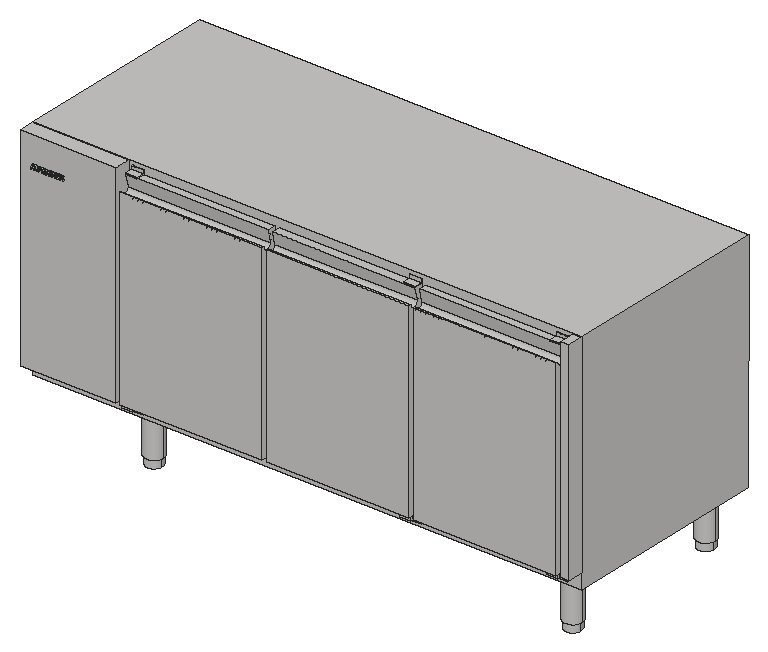
Revit family "QF_ALPENINOX_721041_AK3R7AAA", category Attrezzature speciali, Revit 2018
Family settings
  Quota connettore circolare = Usa diametro
  Tipo di parte = Normale
  Basato su piano di lavoro = No
  Sempre verticale = Sì
  Taglio con vuoti quando caricato = No
  Condiviso = No
  Punto di calcolo locali = No
Parameters (values of type "Standard")
  Weight = 110.00 kg
  Watts = 220 W
  Volts = 220 V
  URL Manufacturer = "http://www.alpeninox.com"
  URL = "http://www.alpeninox.com"
  Steam Supply Size = 0 mm
  Steam Supply Minimum Pressure = 0.0 Pa
  Steam Supply Maximum Pressure = 0.0 Pa
  Steam Consumption per Hour = 0
  Refrigeration Suction Line Size = 0 mm
  Refrigeration Liquid Line Size = 0 mm
  Refrigerant Compressor Remote = yes
  Produttore = "Alpeninox"
  Phase = 1
  Modello = "AK3R7AAA"
  Length Actual = 1695 mm  # constant formula
  Item Number = "721041"
  Hot Water Size = 0 mm
  Height Actual = 850 mm  # constant formula
  HP = "0.3 HP"
  Gas Size = 0 mm
  Gas KW = 0
  Gas Input Pressure = 0 W
  Direct Waste Size = 0 mm
  Descrizione = "3-DOOR REFRIGERATED COUNTER, -2+10°C, FULL AISI 304 (R290), WITHOUT WORK TOP"
  Depth Actual = 700 mm  # constant formula
  Cycle = 50 Hz
  Condensate Return Size = 0 mm
  Compressed Air Volume = 0.0 L/s
  Compressed Air Size = 0 mm
  Compressed Air Pressure = 0.0 Pa
  Cold Water Size = 0 mm
  Accessory = yes
Values of the unnamed type that differ from the named types
  Weight = 0.00 kg
  Watts = 0 W
  Volts = 0 V
  URL Manufacturer = ""
  Item Number = ""
  HP = ""
  Cycle = 0 Hz
Reference planes
  plane 1: z = 0
  plane 2 "Center (Left/Right)": x = -126.5
  plane 3 "Center (Front/Back)": y = 64.5
  plane 4 "FEET": z = 150
  plane 5 "TOP": z = 900
  plane 6 "PLAIN": z = 850
  plane 7 "EI_back": y = 103
  plane 8 "EI_left": x = -913
  plane 9 "BACK": y = 412
  plane 10 "FRONT": y = -283
  plane 11 "DOOR": y = -233
  plane 12 "LEFT": x = -974
  plane 13 "RIGHT": x = 721
  plane 14: x = -949
  plane 15: x = 696
Forms (mm)
  Extrusion 1, solid, material "QF_Finishes_Stainless Steel"
    sketch origin (-1022.223, -1524, 150) x (-1, 0, 0) y (0, -1, 0)
      loop
        circle (-109.223, -1627) r 5
    from 0 to -40
  Extrusion 2, solid, material "QF_Finishes_Stainless Steel"
    sketch origin (-1022.223, -1524, 150) x (-1, 0, 0) y (0, -1, 0)
      loop
        line (-1718.223, -1291) -> (-1718.223, -1241) -> (-1743.223, -1241) -> (-1743.223, -1291) -> (-1718.223, -1291)
    from 48 to 700
  Extrusion 3, solid, material "QF_Finishes_Stainless Steel"
    sketch origin (-1022.223, -1524, 150) x (-1, 0, 0) y (0, -1, 0)
      loop
        line (-48.223, -1936) -> (-48.223, -1291) -> (-1743.223, -1291) -> (-1743.223, -1936) -> (-48.223, -1936)
    from 0 to 700
Lines and regions (mm)
  symbolic lines, style "SpecialityEquipmentHiddenLines"
    curve 1: line (-974, 412, 150) -> (721, 412, 150)
    curve 2: line (-974, -283, 150) -> (-974, 412, 150)
    curve 3: line (721, -283, 150) -> (-974, -283, 150)
    curve 4: line (721, 412, 150) -> (721, -283, 150)
    curve 5: line (-974, -233, 150) -> (721, -233, 150)
    curve 6: line (696, -283, 150) -> (696, -233, 150)
Dimensions and locks
  plane 4 "FEET" to level = 150 mm
  plane 11 "DOOR" to plane 10 "FRONT" = 50 mm
  plane 6 "PLAIN" to plane 4 "FEET" = 700 mm
  plane 5 "TOP" to plane 6 "PLAIN" = 50 mm
  plane 12 "LEFT" to plane 14 = 25 mm
  plane 15 to plane 13 "RIGHT" = 25 mm
  plane 9 "BACK" to plane 7 "EI_back" = 309 mm
  plane 12 "LEFT" to plane 8 "EI_left" = 61 mm
  plane 12 "LEFT" to plane 13 "RIGHT" = 1695 mm
  equal spacing: plane 12 "LEFT", plane 2 "Center (Left/Right)", plane 13 "RIGHT"
  plane 9 "BACK" to plane 10 "FRONT" = 695 mm
  equal spacing: plane 9 "BACK", plane 3 "Center (Front/Back)", plane 10 "FRONT"
  aligned and locked: level to plane 1
  aligned and locked: plane 13 "RIGHT" to Extrusion 2
  aligned and locked: Extrusion 2 to plane 15
Automatic sketch dimensions
  Extrusion 1 sketch curve to plane 7 "EI_back" = 0 mm
  Extrusion 1 sketch curve to plane 8 "EI_left" = 0 mm
  Extrusion 2 sketch curve to plane 11 "DOOR" = 0 mm
  Extrusion 2 sketch curve to plane 13 "RIGHT" = 0 mm
  Extrusion 2 sketch curve to plane 10 "FRONT" = 0 mm
  Extrusion 2 sketch curve to plane 15 = 0 mm
  Extrusion 3 sketch curve to plane 9 "BACK" = 0 mm
  Extrusion 3 sketch curve to plane 13 "RIGHT" = 0 mm
  Extrusion 3 sketch curve to plane 11 "DOOR" = 0 mm
  Extrusion 3 sketch curve to plane 12 "LEFT" = 0 mm
  curve 1 to plane 13 "RIGHT" = 0 mm
  curve 6 to plane 10 "FRONT" = 0 mm
  curve 6 to plane 15 = 0 mm
  curve 5 to plane 12 "LEFT" = 0 mm
  curve 6 to plane 11 "DOOR" = 0 mm
  curve 1 to plane 9 "BACK" = 0 mm
  radius of Extrusion 1 sketch curve = 5 mm
Nested families
  nested 1: "HPC_Refrigerator" at (721, -283, 0), type "HPC_Refrigerator"
  nested 2: "HPC_FEET" at (-640, 331, 0), type "HPC_FEET"
  nested 3: "HPC_FEET" at (655, 331, 0), type "HPC_FEET"
  nested 4: "HPC_FEET" at (-640, -183, 0), type "HPC_FEET"
  nested 5: "HPC_FEET" at (655, -183, 0), type "HPC_FEET"
  nested 6: "HPC_APX_BI_TN_L" at (-767.08, -233, 598) x (1, 0, 0) z (0, -1, 0), type "HPC_APX_BI_TN_L"
    with Show Logo yes
  nested 7: "HPC_APX_SD_L" at (-446, -233, 512) x (1, 0, 0) z (0, -1, 0), type "HPC_APX_SD_L"
    with Show Clearance yes
  nested 8: "HPC_APX_SD_R" at (8, -233, 512) x (1, 0, 0) z (0, -1, 0), type "HPC_APX_SD_R"
    with Show Clearance yes
  nested 9: "HPC_APX_SD_R" at (462, -233, 512) x (1, 0, 0) z (0, -1, 0), type "HPC_APX_SD_R"
    with Show Clearance yes
Connectors
  electrical at (-913, 103, 110), driven by "Volts"
    settings: on Extrusion 1, index 1, voltage 220 V, apparent load 0 VA, apparent load phase1 0 VA, apparent load phase2 0 VA, apparent load phase3 0 VA, power factor 1, load classification "Other", number of poles 1, system type 31, power factor state 1, is connector primary yes, connector utility no, sub classification motor no, connector description "Electrical Connection"
Definition of nested family "HPC_FEET"
  Parameters
    FEET = 150 mm
  Reference planes
    plane 1 "Center (Front/Back)": y = 0
    plane 2: z = 0
    plane 3 "Center (Left/Right)": x = 0
    plane 4: z = 150
  Forms (mm)
    Revolve 1, solid
      sketch origin (255.05, 0, 608.09) x (0, 0, 1) y (-1, 0, 0)
        loop
          line (-608.09, 255.05) -> (-608.09, 230.05) -> (-583.09, 230.05) -> (-583.09, 226.05) -> (-458.09, 226.05) -> (-458.09, 255.05) -> (-608.09, 255.05)
        axis (-608.09, 255.05) -> (-458.09, 255.05)
      angle from 0 to 360
  Dimensions and locks
    locked: Revolve 1 sketch curve to Revolve 1 sketch curve at 125
    "FEET": plane 4 to plane 2
    aligned and locked: level to plane 2
    aligned and locked: plane 4 to Revolve 1 sketch curve
    aligned and locked: Revolve 1 sketch curve to level
    aligned and locked: plane 3 "Center (Left/Right)" to Revolve 1 sketch curve
  Automatic sketch dimensions
    Revolve 1 sketch curve to plane 3 "Center (Left/Right)" = 0 mm
    Revolve 1 sketch curve to Revolve 1 sketch curve = 25 mm
    Revolve 1 sketch curve to Revolve 1 sketch curve = 29 mm
    plane 4 to Revolve 1 sketch curve = 50 mm
    Revolve 1 sketch curve to Revolve 1 sketch curve = 20 mm
Definition of nested family "HPC_APX_BI_TN_L"
  Parameters
    Show Logo [instance] = yes
    Default Elevation = 1219.2 mm
  Reference planes
    plane 1 "Center (Front/Back)": y = -74
    plane 2: z = 0
    plane 3 "Center (Left/Right)": x = -59.92
    plane 4: x = -206.92
    plane 5: x = 87.08
    plane 6: y = 252
    plane 7: y = -400
  Forms (mm)
    Extrusion 1, solid
      sketch origin (0, 0, 0) x (1, 0, 0) y (0, 1, 0)
        loop
          line (-1219.2, 1219.2) -> (-1219.2, -1219.2) -> (1219.2, -1219.2) -> (1219.2, 1219.2) -> (-1219.2, 1219.2)
      from 0 to -304.8
    Extrusion 2, solid
      sketch origin (0, 0, 0) x (1, 0, 0) y (0, 1, 0)
        loop
          line (-206.92, 252) -> (-206.92, -400) -> (87.08, -400) -> (87.08, 252) -> (-206.92, 252)
      from 0 to 50
    Extrusion 3, solid
      sketch origin (0, 0, 0) x (1, 0, 0) y (0, 1, 0)
        loop
          line (-168.675, 170.349) -> (-172.411, 160.318)
          arc (-172.411, 160.318) -> (-171.624, 158.497) -> (-169.837, 159.36) r 1.374
          line (-169.837, 159.36) -> (-169.268, 161.111) -> (-164.1, 161.111) -> (-163.54, 159.379)
          arc (-163.54, 159.379) -> (-161.802, 158.542) -> (-161.049, 160.318) r 1.333
          line (-161.049, 160.318) -> (-164.694, 170.349)
          arc (-164.694, 170.349) -> (-166.685, 171.876) -> (-168.675, 170.349) r 2.06
        loop
          line (-166.681, 169.055) -> (-168.469, 163.655) -> (-164.935, 163.655) -> (-166.681, 169.055)
        loop
          arc (-159.705, 160.042) -> (-159.262, 158.973) -> (-158.194, 158.531) r 1.512
          line (-158.194, 158.531) -> (-153.608, 158.531)
          arc (-153.608, 158.531) -> (-152.337, 159.802) -> (-153.608, 161.074) r 1.272
          line (-153.608, 161.074) -> (-156.917, 161.074) -> (-156.917, 170.328)
          arc (-156.917, 170.328) -> (-158.311, 171.722) -> (-159.705, 170.328) r 1.394
          line (-159.705, 170.328) -> (-159.705, 160.042)
        loop
          line (-151.076, 170.218) -> (-151.076, 159.859)
          arc (-151.076, 159.859) -> (-149.683, 158.466) -> (-148.29, 159.859) r 1.393
          line (-148.29, 159.859) -> (-148.29, 162.882) -> (-146.225, 162.882)
          arc (-146.225, 162.882) -> (-142.999, 163.859) -> (-141.608, 166.928) r 4.082
          arc (-141.608, 166.928) -> (-142.993, 170.272) -> (-146.336, 171.657) r 4.728
          line (-146.336, 171.657) -> (-149.638, 171.657)
          arc (-149.638, 171.657) -> (-150.655, 171.235) -> (-151.076, 170.218) r 1.439
        loop
          line (-148.29, 165.313) -> (-146.388, 165.313)
          arc (-146.388, 165.313) -> (-144.433, 167.268) -> (-146.388, 169.222) r 1.955
          line (-146.388, 169.222) -> (-148.29, 169.222) -> (-148.29, 165.313)
        loop
          arc (-131.184, 166.332) -> (-132.004, 168.2) -> (-133.767, 169.228) r 3.3
          arc (-133.767, 169.228) -> (-136.353, 168.661) -> (-137.611, 166.332) r 3.176
          line (-137.611, 166.332) -> (-131.184, 166.332)
        loop
          line (-137.538, 163.743) -> (-130.544, 163.743)
          arc (-130.544, 163.743) -> (-129.292, 163.916) -> (-128.301, 164.701) r 2.4
          arc (-128.301, 164.701) -> (-128.155, 165.545) -> (-128.212, 166.399) r 3.635
          arc (-128.212, 166.399) -> (-130.364, 170.162) -> (-134.39, 171.769) r 6.579
          arc (-134.39, 171.769) -> (-138.918, 169.706) -> (-140.661, 165.044) r 6.501
          arc (-140.661, 165.044) -> (-139.276, 160.789) -> (-135.401, 158.549) r 6.252
          arc (-135.401, 158.549) -> (-132.922, 158.526) -> (-130.544, 159.232) r 8.361
          arc (-130.544, 159.232) -> (-129.466, 159.781) -> (-128.641, 160.666) r 3.486
          arc (-128.641, 160.666) -> (-128.419, 161.592) -> (-128.828, 162.451) r 1.425
          arc (-128.828, 162.451) -> (-129.368, 162.762) -> (-129.99, 162.762) r 1.203
          arc (-129.99, 162.762) -> (-130.406, 162.59) -> (-130.764, 162.316) r 1.724
          arc (-130.764, 162.316) -> (-131.666, 161.705) -> (-132.646, 161.229) r 7.6
          arc (-132.646, 161.229) -> (-135.676, 161.35) -> (-137.538, 163.743) r 3.6
        loop
          line (-126.669, 170.328) -> (-126.669, 159.859)
          arc (-126.669, 159.859) -> (-125.273, 158.463) -> (-123.878, 159.859) r 1.396
          line (-123.878, 159.859) -> (-123.878, 166.785) -> (-117.946, 159.029)
          arc (-117.946, 159.029) -> (-116.361, 158.51) -> (-115.379, 159.859) r 1.417
          line (-115.379, 159.859) -> (-115.379, 170.328)
          arc (-115.379, 170.328) -> (-116.774, 171.723) -> (-118.169, 170.328) r 1.395
          line (-118.169, 170.328) -> (-118.169, 163.311) -> (-124.101, 171.157)
          arc (-124.101, 171.157) -> (-125.687, 171.678) -> (-126.669, 170.328) r 1.418
        loop
          arc (-113.636, 159.859) -> (-112.241, 158.464) -> (-110.847, 159.859) r 1.394
          line (-110.847, 159.859) -> (-110.847, 170.328)
          arc (-110.847, 170.328) -> (-112.241, 171.723) -> (-113.636, 170.328) r 1.394
          line (-113.636, 170.328) -> (-113.636, 159.859)
        loop
          line (-109.102, 170.328) -> (-109.102, 159.859)
          arc (-109.102, 159.859) -> (-107.706, 158.463) -> (-106.31, 159.859) r 1.396
          line (-106.31, 159.859) -> (-106.31, 166.785) -> (-100.378, 159.029)
          arc (-100.378, 159.029) -> (-98.793, 158.51) -> (-97.812, 159.859) r 1.417
          line (-97.812, 159.859) -> (-97.812, 170.328)
          arc (-97.812, 170.328) -> (-99.207, 171.723) -> (-100.602, 170.328) r 1.395
          line (-100.602, 170.328) -> (-100.602, 163.311) -> (-106.533, 171.157)
          arc (-106.533, 171.157) -> (-108.119, 171.678) -> (-109.102, 170.328) r 1.418
        loop
          arc (-96.345, 165.093) -> (-95.619, 161.877) -> (-93.467, 159.379) r 6.806
          arc (-93.467, 159.379) -> (-91.792, 158.566) -> (-89.948, 158.31) r 5.956
          arc (-89.948, 158.31) -> (-88.104, 158.566) -> (-86.43, 159.379) r 5.956
          arc (-86.43, 159.379) -> (-84.277, 161.877) -> (-83.551, 165.093) r 6.806
          arc (-83.551, 165.093) -> (-84.277, 168.31) -> (-86.43, 170.808) r 6.806
          arc (-86.43, 170.808) -> (-88.104, 171.621) -> (-89.948, 171.877) r 5.956
          arc (-89.948, 171.877) -> (-91.792, 171.621) -> (-93.467, 170.808) r 5.956
          arc (-93.467, 170.808) -> (-95.619, 168.31) -> (-96.345, 165.093) r 6.806
        loop
          arc (-93.425, 165.093) -> (-93.138, 163.212) -> (-92.081, 161.629) r 4.387
          arc (-92.081, 161.629) -> (-91.087, 161.049) -> (-89.948, 160.881) r 3.035
          arc (-89.948, 160.881) -> (-88.809, 161.049) -> (-87.815, 161.629) r 3.035
          arc (-87.815, 161.629) -> (-86.759, 163.212) -> (-86.472, 165.093) r 4.387
          arc (-86.472, 165.093) -> (-86.759, 166.975) -> (-87.815, 168.558) r 4.387
          arc (-87.815, 168.558) -> (-88.809, 169.138) -> (-89.948, 169.306) r 3.035
          arc (-89.948, 169.306) -> (-91.087, 169.138) -> (-92.081, 168.558) r 3.035
          arc (-92.081, 168.558) -> (-93.138, 166.975) -> (-93.425, 165.093) r 4.387
        loop
          line (-83.139, 169.609) -> (-80.126, 165.552) -> (-83.81, 160.652)
          arc (-83.81, 160.652) -> (-83.512, 158.692) -> (-81.559, 159.029) r 1.388
          line (-81.559, 159.029) -> (-78.51, 163.232) -> (-75.461, 159.029)
          arc (-75.461, 159.029) -> (-73.507, 158.692) -> (-73.21, 160.652) r 1.388
          line (-73.21, 160.652) -> (-76.894, 165.552) -> (-73.881, 169.609)
          arc (-73.881, 169.609) -> (-74.249, 171.597) -> (-76.205, 171.084) r 1.38
          line (-76.205, 171.084) -> (-78.51, 167.841) -> (-80.815, 171.084)
          arc (-80.815, 171.084) -> (-82.771, 171.597) -> (-83.139, 169.609) r 1.38
      from 50 to 51.6
  Lines and regions (mm)
    Split face 1
      outline origin (0, 0, 50) x (1, 0, 0) y (0, 1, 0)
        loop
          line (87.08, 183) -> (-172.92, 183)
          arc (-172.92, 183) -> (-190.42, 165.5) -> (-172.92, 148) r 17.5
          line (-172.92, 148) -> (87.08, 148)
    Split face 2
      outline origin (-38, 0, 50) x (1, 0, 0) y (0, 1, 0)
        loop
          line (-5.42, 177) -> (-5.42, 154) -> (64.58, 154) -> (64.58, 177) -> (-5.42, 177)
    Split face 3
      outline origin (-38, 0, 50) x (1, 0, 0) y (0, 1, 0)
        loop
          line (44.58, 174) -> (44.58, 157) -> (61.58, 157) -> (61.58, 174) -> (44.58, 174)
    Split face 4
      outline origin (0, 0, 50) x (1, 0, 0) y (0, 1, 0)
        loop
          line (-206.92, 188) -> (87.08, 188)
    Split face 5
      outline origin (0, 0, 50) x (1, 0, 0) y (0, 1, 0)
        loop
          arc (-163.464, 131.824) -> (-167.464, 127.824) -> (-163.464, 123.824) r 4
          line (-163.464, 123.824) -> (-121.464, 123.824)
          arc (-121.464, 123.824) -> (-117.464, 127.824) -> (-121.464, 131.824) r 4
          line (-121.464, 131.824) -> (-163.464, 131.824)
    Split face 6
      outline origin (330, 0, 50) x (1, 0, 0) y (0, 1, 0)
        loop
          arc (-328.464, 131.824) -> (-332.464, 127.824) -> (-328.464, 123.824) r 4
          line (-328.464, 123.824) -> (-286.464, 123.824)
          arc (-286.464, 123.824) -> (-282.464, 127.824) -> (-286.464, 131.824) r 4
          line (-286.464, 131.824) -> (-328.464, 131.824)
    Split face 7
      outline origin (110, 0, 50) x (1, 0, 0) y (0, 1, 0)
        loop
          arc (-218.464, 131.824) -> (-222.464, 127.824) -> (-218.464, 123.824) r 4
          line (-218.464, 123.824) -> (-176.464, 123.824)
          arc (-176.464, 123.824) -> (-172.464, 127.824) -> (-176.464, 131.824) r 4
          line (-176.464, 131.824) -> (-218.464, 131.824)
    Split face 8
      outline origin (220, 0, 50) x (1, 0, 0) y (0, 1, 0)
        loop
          arc (-273.464, 131.824) -> (-277.464, 127.824) -> (-273.464, 123.824) r 4
          line (-273.464, 123.824) -> (-231.464, 123.824)
          arc (-231.464, 123.824) -> (-227.464, 127.824) -> (-231.464, 131.824) r 4
          line (-231.464, 131.824) -> (-273.464, 131.824)
    Split face 9
      outline origin (0, -24, 50) x (1, 0, 0) y (0, 1, 0)
        loop
          arc (-163.464, 143.824) -> (-167.464, 139.824) -> (-163.464, 135.824) r 4
          line (-163.464, 135.824) -> (-121.464, 135.824)
          arc (-121.464, 135.824) -> (-117.464, 139.824) -> (-121.464, 143.824) r 4
          line (-121.464, 143.824) -> (-163.464, 143.824)
    Split face 10
      outline origin (330, -24, 50) x (1, 0, 0) y (0, 1, 0)
        loop
          arc (-328.464, 143.824) -> (-332.464, 139.824) -> (-328.464, 135.824) r 4
          line (-328.464, 135.824) -> (-286.464, 135.824)
          arc (-286.464, 135.824) -> (-282.464, 139.824) -> (-286.464, 143.824) r 4
          line (-286.464, 143.824) -> (-328.464, 143.824)
    Split face 11
      outline origin (110, -24, 50) x (1, 0, 0) y (0, 1, 0)
        loop
          arc (-218.464, 143.824) -> (-222.464, 139.824) -> (-218.464, 135.824) r 4
          line (-218.464, 135.824) -> (-176.464, 135.824)
          arc (-176.464, 135.824) -> (-172.464, 139.824) -> (-176.464, 143.824) r 4
          line (-176.464, 143.824) -> (-218.464, 143.824)
    Split face 12
      outline origin (220, -24, 50) x (1, 0, 0) y (0, 1, 0)
        loop
          arc (-273.464, 143.824) -> (-277.464, 139.824) -> (-273.464, 135.824) r 4
          line (-273.464, 135.824) -> (-231.464, 135.824)
          arc (-231.464, 135.824) -> (-227.464, 139.824) -> (-231.464, 143.824) r 4
          line (-231.464, 143.824) -> (-273.464, 143.824)
    Split face 13
      outline origin (0, -48, 50) x (1, 0, 0) y (0, 1, 0)
        loop
          arc (-163.464, 155.824) -> (-167.464, 151.824) -> (-163.464, 147.824) r 4
          line (-163.464, 147.824) -> (-121.464, 147.824)
          arc (-121.464, 147.824) -> (-117.464, 151.824) -> (-121.464, 155.824) r 4
          line (-121.464, 155.824) -> (-163.464, 155.824)
    Split face 14
      outline origin (330, -48, 50) x (1, 0, 0) y (0, 1, 0)
        loop
          arc (-328.464, 155.824) -> (-332.464, 151.824) -> (-328.464, 147.824) r 4
          line (-328.464, 147.824) -> (-286.464, 147.824)
          arc (-286.464, 147.824) -> (-282.464, 151.824) -> (-286.464, 155.824) r 4
          line (-286.464, 155.824) -> (-328.464, 155.824)
    Split face 15
      outline origin (110, -48, 50) x (1, 0, 0) y (0, 1, 0)
        loop
          arc (-218.464, 155.824) -> (-222.464, 151.824) -> (-218.464, 147.824) r 4
          line (-218.464, 147.824) -> (-176.464, 147.824)
          arc (-176.464, 147.824) -> (-172.464, 151.824) -> (-176.464, 155.824) r 4
          line (-176.464, 155.824) -> (-218.464, 155.824)
    Split face 16
      outline origin (220, -48, 50) x (1, 0, 0) y (0, 1, 0)
        loop
          arc (-273.464, 155.824) -> (-277.464, 151.824) -> (-273.464, 147.824) r 4
          line (-273.464, 147.824) -> (-231.464, 147.824)
          arc (-231.464, 147.824) -> (-227.464, 151.824) -> (-231.464, 155.824) r 4
          line (-231.464, 155.824) -> (-273.464, 155.824)
    Split face 17
      outline origin (0, -72, 50) x (1, 0, 0) y (0, 1, 0)
        loop
          arc (-163.464, 167.824) -> (-167.464, 163.824) -> (-163.464, 159.824) r 4
          line (-163.464, 159.824) -> (-121.464, 159.824)
          arc (-121.464, 159.824) -> (-117.464, 163.824) -> (-121.464, 167.824) r 4
          line (-121.464, 167.824) -> (-163.464, 167.824)
    Split face 18
      outline origin (330, -72, 50) x (1, 0, 0) y (0, 1, 0)
        loop
          arc (-328.464, 167.824) -> (-332.464, 163.824) -> (-328.464, 159.824) r 4
          line (-328.464, 159.824) -> (-286.464, 159.824)
          arc (-286.464, 159.824) -> (-282.464, 163.824) -> (-286.464, 167.824) r 4
          line (-286.464, 167.824) -> (-328.464, 167.824)
    Split face 19
      outline origin (110, -72, 50) x (1, 0, 0) y (0, 1, 0)
        loop
          arc (-218.464, 167.824) -> (-222.464, 163.824) -> (-218.464, 159.824) r 4
          line (-218.464, 159.824) -> (-176.464, 159.824)
          arc (-176.464, 159.824) -> (-172.464, 163.824) -> (-176.464, 167.824) r 4
          line (-176.464, 167.824) -> (-218.464, 167.824)
    Split face 20
      outline origin (220, -72, 50) x (1, 0, 0) y (0, 1, 0)
        loop
          arc (-273.464, 167.824) -> (-277.464, 163.824) -> (-273.464, 159.824) r 4
          line (-273.464, 159.824) -> (-231.464, 159.824)
          arc (-231.464, 159.824) -> (-227.464, 163.824) -> (-231.464, 167.824) r 4
          line (-231.464, 167.824) -> (-273.464, 167.824)
    Split face 21
      outline origin (0, -96, 50) x (1, 0, 0) y (0, 1, 0)
        loop
          arc (-163.464, 179.824) -> (-167.464, 175.824) -> (-163.464, 171.824) r 4
          line (-163.464, 171.824) -> (-121.464, 171.824)
          arc (-121.464, 171.824) -> (-117.464, 175.824) -> (-121.464, 179.824) r 4
          line (-121.464, 179.824) -> (-163.464, 179.824)
    Split face 22
      outline origin (330, -96, 50) x (1, 0, 0) y (0, 1, 0)
        loop
          arc (-328.464, 179.824) -> (-332.464, 175.824) -> (-328.464, 171.824) r 4
          line (-328.464, 171.824) -> (-286.464, 171.824)
          arc (-286.464, 171.824) -> (-282.464, 175.824) -> (-286.464, 179.824) r 4
          line (-286.464, 179.824) -> (-328.464, 179.824)
    Split face 23
      outline origin (110, -96, 50) x (1, 0, 0) y (0, 1, 0)
        loop
          arc (-218.464, 179.824) -> (-222.464, 175.824) -> (-218.464, 171.824) r 4
          line (-218.464, 171.824) -> (-176.464, 171.824)
          arc (-176.464, 171.824) -> (-172.464, 175.824) -> (-176.464, 179.824) r 4
          line (-176.464, 179.824) -> (-218.464, 179.824)
    Split face 24
      outline origin (220, -96, 50) x (1, 0, 0) y (0, 1, 0)
        loop
          arc (-273.464, 179.824) -> (-277.464, 175.824) -> (-273.464, 171.824) r 4
          line (-273.464, 171.824) -> (-231.464, 171.824)
          arc (-231.464, 171.824) -> (-227.464, 175.824) -> (-231.464, 179.824) r 4
          line (-231.464, 179.824) -> (-273.464, 179.824)
    Split face 25
      outline origin (0, -120, 50) x (1, 0, 0) y (0, 1, 0)
        loop
          arc (-163.464, 191.824) -> (-167.464, 187.824) -> (-163.464, 183.824) r 4
          line (-163.464, 183.824) -> (-121.464, 183.824)
          arc (-121.464, 183.824) -> (-117.464, 187.824) -> (-121.464, 191.824) r 4
          line (-121.464, 191.824) -> (-163.464, 191.824)
    Split face 26
      outline origin (330, -120, 50) x (1, 0, 0) y (0, 1, 0)
        loop
          arc (-328.464, 191.824) -> (-332.464, 187.824) -> (-328.464, 183.824) r 4
          line (-328.464, 183.824) -> (-286.464, 183.824)
          arc (-286.464, 183.824) -> (-282.464, 187.824) -> (-286.464, 191.824) r 4
          line (-286.464, 191.824) -> (-328.464, 191.824)
    Split face 27
      outline origin (110, -120, 50) x (1, 0, 0) y (0, 1, 0)
        loop
          arc (-218.464, 191.824) -> (-222.464, 187.824) -> (-218.464, 183.824) r 4
          line (-218.464, 183.824) -> (-176.464, 183.824)
          arc (-176.464, 183.824) -> (-172.464, 187.824) -> (-176.464, 191.824) r 4
          line (-176.464, 191.824) -> (-218.464, 191.824)
    Split face 28
      outline origin (220, -120, 50) x (1, 0, 0) y (0, 1, 0)
        loop
          arc (-273.464, 191.824) -> (-277.464, 187.824) -> (-273.464, 183.824) r 4
          line (-273.464, 183.824) -> (-231.464, 183.824)
          arc (-231.464, 183.824) -> (-227.464, 187.824) -> (-231.464, 191.824) r 4
          line (-231.464, 191.824) -> (-273.464, 191.824)
    Split face 29
      outline origin (0, -144, 50) x (1, 0, 0) y (0, 1, 0)
        loop
          arc (-163.464, 203.824) -> (-167.464, 199.824) -> (-163.464, 195.824) r 4
          line (-163.464, 195.824) -> (-121.464, 195.824)
          arc (-121.464, 195.824) -> (-117.464, 199.824) -> (-121.464, 203.824) r 4
          line (-121.464, 203.824) -> (-163.464, 203.824)
    Split face 30
      outline origin (330, -144, 50) x (1, 0, 0) y (0, 1, 0)
        loop
          arc (-328.464, 203.824) -> (-332.464, 199.824) -> (-328.464, 195.824) r 4
          line (-328.464, 195.824) -> (-286.464, 195.824)
          arc (-286.464, 195.824) -> (-282.464, 199.824) -> (-286.464, 203.824) r 4
          line (-286.464, 203.824) -> (-328.464, 203.824)
    Split face 31
      outline origin (110, -144, 50) x (1, 0, 0) y (0, 1, 0)
        loop
          arc (-218.464, 203.824) -> (-222.464, 199.824) -> (-218.464, 195.824) r 4
          line (-218.464, 195.824) -> (-176.464, 195.824)
          arc (-176.464, 195.824) -> (-172.464, 199.824) -> (-176.464, 203.824) r 4
          line (-176.464, 203.824) -> (-218.464, 203.824)
    Split face 32
      outline origin (220, -144, 50) x (1, 0, 0) y (0, 1, 0)
        loop
          arc (-273.464, 203.824) -> (-277.464, 199.824) -> (-273.464, 195.824) r 4
          line (-273.464, 195.824) -> (-231.464, 195.824)
          arc (-231.464, 195.824) -> (-227.464, 199.824) -> (-231.464, 203.824) r 4
          line (-231.464, 203.824) -> (-273.464, 203.824)
    Split face 33
      outline origin (0, -168, 50) x (1, 0, 0) y (0, 1, 0)
        loop
          arc (-163.464, 215.824) -> (-167.464, 211.824) -> (-163.464, 207.824) r 4
          line (-163.464, 207.824) -> (-121.464, 207.824)
          arc (-121.464, 207.824) -> (-117.464, 211.824) -> (-121.464, 215.824) r 4
          line (-121.464, 215.824) -> (-163.464, 215.824)
    Split face 34
      outline origin (330, -168, 50) x (1, 0, 0) y (0, 1, 0)
        loop
          arc (-328.464, 215.824) -> (-332.464, 211.824) -> (-328.464, 207.824) r 4
          line (-328.464, 207.824) -> (-286.464, 207.824)
          arc (-286.464, 207.824) -> (-282.464, 211.824) -> (-286.464, 215.824) r 4
          line (-286.464, 215.824) -> (-328.464, 215.824)
    Split face 35
      outline origin (110, -168, 50) x (1, 0, 0) y (0, 1, 0)
        loop
          arc (-218.464, 215.824) -> (-222.464, 211.824) -> (-218.464, 207.824) r 4
          line (-218.464, 207.824) -> (-176.464, 207.824)
          arc (-176.464, 207.824) -> (-172.464, 211.824) -> (-176.464, 215.824) r 4
          line (-176.464, 215.824) -> (-218.464, 215.824)
    Split face 36
      outline origin (220, -168, 50) x (1, 0, 0) y (0, 1, 0)
        loop
          arc (-273.464, 215.824) -> (-277.464, 211.824) -> (-273.464, 207.824) r 4
          line (-273.464, 207.824) -> (-231.464, 207.824)
          arc (-231.464, 207.824) -> (-227.464, 211.824) -> (-231.464, 215.824) r 4
          line (-231.464, 215.824) -> (-273.464, 215.824)
    Split face 37
      outline origin (0, -192, 50) x (1, 0, 0) y (0, 1, 0)
        loop
          arc (-163.464, 227.824) -> (-167.464, 223.824) -> (-163.464, 219.824) r 4
          line (-163.464, 219.824) -> (-121.464, 219.824)
          arc (-121.464, 219.824) -> (-117.464, 223.824) -> (-121.464, 227.824) r 4
          line (-121.464, 227.824) -> (-163.464, 227.824)
    Split face 38
      outline origin (330, -192, 50) x (1, 0, 0) y (0, 1, 0)
        loop
          arc (-328.464, 227.824) -> (-332.464, 223.824) -> (-328.464, 219.824) r 4
          line (-328.464, 219.824) -> (-286.464, 219.824)
          arc (-286.464, 219.824) -> (-282.464, 223.824) -> (-286.464, 227.824) r 4
          line (-286.464, 227.824) -> (-328.464, 227.824)
    Split face 39
      outline origin (110, -192, 50) x (1, 0, 0) y (0, 1, 0)
        loop
          arc (-218.464, 227.824) -> (-222.464, 223.824) -> (-218.464, 219.824) r 4
          line (-218.464, 219.824) -> (-176.464, 219.824)
          arc (-176.464, 219.824) -> (-172.464, 223.824) -> (-176.464, 227.824) r 4
          line (-176.464, 227.824) -> (-218.464, 227.824)
    Split face 40
      outline origin (220, -192, 50) x (1, 0, 0) y (0, 1, 0)
        loop
          arc (-273.464, 227.824) -> (-277.464, 223.824) -> (-273.464, 219.824) r 4
          line (-273.464, 219.824) -> (-231.464, 219.824)
          arc (-231.464, 219.824) -> (-227.464, 223.824) -> (-231.464, 227.824) r 4
          line (-231.464, 227.824) -> (-273.464, 227.824)
    Split face 41
      outline origin (0, -216, 50) x (1, 0, 0) y (0, 1, 0)
        loop
          arc (-163.464, 239.824) -> (-167.464, 235.824) -> (-163.464, 231.824) r 4
          line (-163.464, 231.824) -> (-121.464, 231.824)
          arc (-121.464, 231.824) -> (-117.464, 235.824) -> (-121.464, 239.824) r 4
          line (-121.464, 239.824) -> (-163.464, 239.824)
    Split face 42
      outline origin (330, -216, 50) x (1, 0, 0) y (0, 1, 0)
        loop
          arc (-328.464, 239.824) -> (-332.464, 235.824) -> (-328.464, 231.824) r 4
          line (-328.464, 231.824) -> (-286.464, 231.824)
          arc (-286.464, 231.824) -> (-282.464, 235.824) -> (-286.464, 239.824) r 4
          line (-286.464, 239.824) -> (-328.464, 239.824)
    Split face 43
      outline origin (110, -216, 50) x (1, 0, 0) y (0, 1, 0)
        loop
          arc (-218.464, 239.824) -> (-222.464, 235.824) -> (-218.464, 231.824) r 4
          line (-218.464, 231.824) -> (-176.464, 231.824)
          arc (-176.464, 231.824) -> (-172.464, 235.824) -> (-176.464, 239.824) r 4
          line (-176.464, 239.824) -> (-218.464, 239.824)
    Split face 44
      outline origin (220, -216, 50) x (1, 0, 0) y (0, 1, 0)
        loop
          arc (-273.464, 239.824) -> (-277.464, 235.824) -> (-273.464, 231.824) r 4
          line (-273.464, 231.824) -> (-231.464, 231.824)
          arc (-231.464, 231.824) -> (-227.464, 235.824) -> (-231.464, 239.824) r 4
          line (-231.464, 239.824) -> (-273.464, 239.824)
    Split face 45
      outline origin (0, -240, 50) x (1, 0, 0) y (0, 1, 0)
        loop
          arc (-163.464, 251.824) -> (-167.464, 247.824) -> (-163.464, 243.824) r 4
          line (-163.464, 243.824) -> (-121.464, 243.824)
          arc (-121.464, 243.824) -> (-117.464, 247.824) -> (-121.464, 251.824) r 4
          line (-121.464, 251.824) -> (-163.464, 251.824)
    Split face 46
      outline origin (330, -240, 50) x (1, 0, 0) y (0, 1, 0)
        loop
          arc (-328.464, 251.824) -> (-332.464, 247.824) -> (-328.464, 243.824) r 4
          line (-328.464, 243.824) -> (-286.464, 243.824)
          arc (-286.464, 243.824) -> (-282.464, 247.824) -> (-286.464, 251.824) r 4
          line (-286.464, 251.824) -> (-328.464, 251.824)
    Split face 47
      outline origin (110, -240, 50) x (1, 0, 0) y (0, 1, 0)
        loop
          arc (-218.464, 251.824) -> (-222.464, 247.824) -> (-218.464, 243.824) r 4
          line (-218.464, 243.824) -> (-176.464, 243.824)
          arc (-176.464, 243.824) -> (-172.464, 247.824) -> (-176.464, 251.824) r 4
          line (-176.464, 251.824) -> (-218.464, 251.824)
    Split face 48
      outline origin (220, -240, 50) x (1, 0, 0) y (0, 1, 0)
        loop
          arc (-273.464, 251.824) -> (-277.464, 247.824) -> (-273.464, 243.824) r 4
          line (-273.464, 243.824) -> (-231.464, 243.824)
          arc (-231.464, 243.824) -> (-227.464, 247.824) -> (-231.464, 251.824) r 4
          line (-231.464, 251.824) -> (-273.464, 251.824)
    Split face 49
      outline origin (0, -264, 50) x (1, 0, 0) y (0, 1, 0)
        loop
          arc (-163.464, 263.824) -> (-167.464, 259.824) -> (-163.464, 255.824) r 4
          line (-163.464, 255.824) -> (-121.464, 255.824)
          arc (-121.464, 255.824) -> (-117.464, 259.824) -> (-121.464, 263.824) r 4
          line (-121.464, 263.824) -> (-163.464, 263.824)
    Split face 50
      outline origin (330, -264, 50) x (1, 0, 0) y (0, 1, 0)
        loop
          arc (-328.464, 263.824) -> (-332.464, 259.824) -> (-328.464, 255.824) r 4
          line (-328.464, 255.824) -> (-286.464, 255.824)
          arc (-286.464, 255.824) -> (-282.464, 259.824) -> (-286.464, 263.824) r 4
          line (-286.464, 263.824) -> (-328.464, 263.824)
    Split face 51
      outline origin (110, -264, 50) x (1, 0, 0) y (0, 1, 0)
        loop
          arc (-218.464, 263.824) -> (-222.464, 259.824) -> (-218.464, 255.824) r 4
          line (-218.464, 255.824) -> (-176.464, 255.824)
          arc (-176.464, 255.824) -> (-172.464, 259.824) -> (-176.464, 263.824) r 4
          line (-176.464, 263.824) -> (-218.464, 263.824)
    Split face 52
      outline origin (220, -264, 50) x (1, 0, 0) y (0, 1, 0)
        loop
          arc (-273.464, 263.824) -> (-277.464, 259.824) -> (-273.464, 255.824) r 4
          line (-273.464, 255.824) -> (-231.464, 255.824)
          arc (-231.464, 255.824) -> (-227.464, 259.824) -> (-231.464, 263.824) r 4
          line (-231.464, 263.824) -> (-273.464, 263.824)
    Split face 53
      outline origin (0, -288, 50) x (1, 0, 0) y (0, 1, 0)
        loop
          arc (-163.464, 275.824) -> (-167.464, 271.824) -> (-163.464, 267.824) r 4
          line (-163.464, 267.824) -> (-121.464, 267.824)
          arc (-121.464, 267.824) -> (-117.464, 271.824) -> (-121.464, 275.824) r 4
          line (-121.464, 275.824) -> (-163.464, 275.824)
    Split face 54
      outline origin (330, -288, 50) x (1, 0, 0) y (0, 1, 0)
        loop
          arc (-328.464, 275.824) -> (-332.464, 271.824) -> (-328.464, 267.824) r 4
          line (-328.464, 267.824) -> (-286.464, 267.824)
          arc (-286.464, 267.824) -> (-282.464, 271.824) -> (-286.464, 275.824) r 4
          line (-286.464, 275.824) -> (-328.464, 275.824)
    Split face 55
      outline origin (110, -288, 50) x (1, 0, 0) y (0, 1, 0)
        loop
          arc (-218.464, 275.824) -> (-222.464, 271.824) -> (-218.464, 267.824) r 4
          line (-218.464, 267.824) -> (-176.464, 267.824)
          arc (-176.464, 267.824) -> (-172.464, 271.824) -> (-176.464, 275.824) r 4
          line (-176.464, 275.824) -> (-218.464, 275.824)
    Split face 56
      outline origin (220, -288, 50) x (1, 0, 0) y (0, 1, 0)
        loop
          arc (-273.464, 275.824) -> (-277.464, 271.824) -> (-273.464, 267.824) r 4
          line (-273.464, 267.824) -> (-231.464, 267.824)
          arc (-231.464, 267.824) -> (-227.464, 271.824) -> (-231.464, 275.824) r 4
          line (-231.464, 275.824) -> (-273.464, 275.824)
    Split face 57
      outline origin (0, -312, 50) x (1, 0, 0) y (0, 1, 0)
        loop
          arc (-163.464, 287.824) -> (-167.464, 283.824) -> (-163.464, 279.824) r 4
          line (-163.464, 279.824) -> (-121.464, 279.824)
          arc (-121.464, 279.824) -> (-117.464, 283.824) -> (-121.464, 287.824) r 4
          line (-121.464, 287.824) -> (-163.464, 287.824)
    Split face 58
      outline origin (330, -312, 50) x (1, 0, 0) y (0, 1, 0)
        loop
          arc (-328.464, 287.824) -> (-332.464, 283.824) -> (-328.464, 279.824) r 4
          line (-328.464, 279.824) -> (-286.464, 279.824)
          arc (-286.464, 279.824) -> (-282.464, 283.824) -> (-286.464, 287.824) r 4
          line (-286.464, 287.824) -> (-328.464, 287.824)
    Split face 59
      outline origin (110, -312, 50) x (1, 0, 0) y (0, 1, 0)
        loop
          arc (-218.464, 287.824) -> (-222.464, 283.824) -> (-218.464, 279.824) r 4
          line (-218.464, 279.824) -> (-176.464, 279.824)
          arc (-176.464, 279.824) -> (-172.464, 283.824) -> (-176.464, 287.824) r 4
          line (-176.464, 287.824) -> (-218.464, 287.824)
    Split face 60
      outline origin (220, -312, 50) x (1, 0, 0) y (0, 1, 0)
        loop
          arc (-273.464, 287.824) -> (-277.464, 283.824) -> (-273.464, 279.824) r 4
          line (-273.464, 279.824) -> (-231.464, 279.824)
          arc (-231.464, 279.824) -> (-227.464, 283.824) -> (-231.464, 287.824) r 4
          line (-231.464, 287.824) -> (-273.464, 287.824)
    Split face 61
      outline origin (0, -336, 50) x (1, 0, 0) y (0, 1, 0)
        loop
          arc (-163.464, 299.824) -> (-167.464, 295.824) -> (-163.464, 291.824) r 4
          line (-163.464, 291.824) -> (-121.464, 291.824)
          arc (-121.464, 291.824) -> (-117.464, 295.824) -> (-121.464, 299.824) r 4
          line (-121.464, 299.824) -> (-163.464, 299.824)
    Split face 62
      outline origin (330, -336, 50) x (1, 0, 0) y (0, 1, 0)
        loop
          arc (-328.464, 299.824) -> (-332.464, 295.824) -> (-328.464, 291.824) r 4
          line (-328.464, 291.824) -> (-286.464, 291.824)
          arc (-286.464, 291.824) -> (-282.464, 295.824) -> (-286.464, 299.824) r 4
          line (-286.464, 299.824) -> (-328.464, 299.824)
    Split face 63
      outline origin (110, -336, 50) x (1, 0, 0) y (0, 1, 0)
        loop
          arc (-218.464, 299.824) -> (-222.464, 295.824) -> (-218.464, 291.824) r 4
          line (-218.464, 291.824) -> (-176.464, 291.824)
          arc (-176.464, 291.824) -> (-172.464, 295.824) -> (-176.464, 299.824) r 4
          line (-176.464, 299.824) -> (-218.464, 299.824)
    Split face 64
      outline origin (220, -336, 50) x (1, 0, 0) y (0, 1, 0)
        loop
          arc (-273.464, 299.824) -> (-277.464, 295.824) -> (-273.464, 291.824) r 4
          line (-273.464, 291.824) -> (-231.464, 291.824)
          arc (-231.464, 291.824) -> (-227.464, 295.824) -> (-231.464, 299.824) r 4
          line (-231.464, 299.824) -> (-273.464, 299.824)
    Split face 65
      outline origin (0, -360, 50) x (1, 0, 0) y (0, 1, 0)
        loop
          arc (-163.464, 311.824) -> (-167.464, 307.824) -> (-163.464, 303.824) r 4
          line (-163.464, 303.824) -> (-121.464, 303.824)
          arc (-121.464, 303.824) -> (-117.464, 307.824) -> (-121.464, 311.824) r 4
          line (-121.464, 311.824) -> (-163.464, 311.824)
    Split face 66
      outline origin (330, -360, 50) x (1, 0, 0) y (0, 1, 0)
        loop
          arc (-328.464, 311.824) -> (-332.464, 307.824) -> (-328.464, 303.824) r 4
          line (-328.464, 303.824) -> (-286.464, 303.824)
          arc (-286.464, 303.824) -> (-282.464, 307.824) -> (-286.464, 311.824) r 4
          line (-286.464, 311.824) -> (-328.464, 311.824)
    Split face 67
      outline origin (110, -360, 50) x (1, 0, 0) y (0, 1, 0)
        loop
          arc (-218.464, 311.824) -> (-222.464, 307.824) -> (-218.464, 303.824) r 4
          line (-218.464, 303.824) -> (-176.464, 303.824)
          arc (-176.464, 303.824) -> (-172.464, 307.824) -> (-176.464, 311.824) r 4
          line (-176.464, 311.824) -> (-218.464, 311.824)
    Split face 68
      outline origin (220, -360, 50) x (1, 0, 0) y (0, 1, 0)
        loop
          arc (-273.464, 311.824) -> (-277.464, 307.824) -> (-273.464, 303.824) r 4
          line (-273.464, 303.824) -> (-231.464, 303.824)
          arc (-231.464, 303.824) -> (-227.464, 307.824) -> (-231.464, 311.824) r 4
          line (-231.464, 311.824) -> (-273.464, 311.824)
    Split face 69
      outline origin (0, 0, 50) x (1, 0, 0) y (0, 1, 0)
        loop
          line (-206.92, 143) -> (87.08, 143)
    Split face 70
      outline origin (0, -663.3, 50) x (1, 0, 0) y (0, 1, 0)
        loop
          arc (-163.464, 463.474) -> (-167.464, 459.474) -> (-163.464, 455.474) r 4
          line (-163.464, 455.474) -> (-121.464, 455.474)
          arc (-121.464, 455.474) -> (-117.464, 459.474) -> (-121.464, 463.474) r 4
          line (-121.464, 463.474) -> (-163.464, 463.474)
    Split face 71
      outline origin (330, -663.3, 50) x (1, 0, 0) y (0, 1, 0)
        loop
          arc (-328.464, 463.474) -> (-332.464, 459.474) -> (-328.464, 455.474) r 4
          line (-328.464, 455.474) -> (-286.464, 455.474)
          arc (-286.464, 455.474) -> (-282.464, 459.474) -> (-286.464, 463.474) r 4
          line (-286.464, 463.474) -> (-328.464, 463.474)
    Split face 72
      outline origin (110, -663.3, 50) x (1, 0, 0) y (0, 1, 0)
        loop
          arc (-218.464, 463.474) -> (-222.464, 459.474) -> (-218.464, 455.474) r 4
          line (-218.464, 455.474) -> (-176.464, 455.474)
          arc (-176.464, 455.474) -> (-172.464, 459.474) -> (-176.464, 463.474) r 4
          line (-176.464, 463.474) -> (-218.464, 463.474)
    Split face 73
      outline origin (220, -663.3, 50) x (1, 0, 0) y (0, 1, 0)
        loop
          arc (-273.464, 463.474) -> (-277.464, 459.474) -> (-273.464, 455.474) r 4
          line (-273.464, 455.474) -> (-231.464, 455.474)
          arc (-231.464, 455.474) -> (-227.464, 459.474) -> (-231.464, 463.474) r 4
          line (-231.464, 463.474) -> (-273.464, 463.474)
    Split face 74
      outline origin (0, -687.3, 50) x (1, 0, 0) y (0, 1, 0)
        loop
          arc (-163.464, 475.474) -> (-167.464, 471.474) -> (-163.464, 467.474) r 4
          line (-163.464, 467.474) -> (-121.464, 467.474)
          arc (-121.464, 467.474) -> (-117.464, 471.474) -> (-121.464, 475.474) r 4
          line (-121.464, 475.474) -> (-163.464, 475.474)
    Split face 75
      outline origin (330, -687.3, 50) x (1, 0, 0) y (0, 1, 0)
        loop
          arc (-328.464, 475.474) -> (-332.464, 471.474) -> (-328.464, 467.474) r 4
          line (-328.464, 467.474) -> (-286.464, 467.474)
          arc (-286.464, 467.474) -> (-282.464, 471.474) -> (-286.464, 475.474) r 4
          line (-286.464, 475.474) -> (-328.464, 475.474)
    Split face 76
      outline origin (110, -687.3, 50) x (1, 0, 0) y (0, 1, 0)
        loop
          arc (-218.464, 475.474) -> (-222.464, 471.474) -> (-218.464, 467.474) r 4
          line (-218.464, 467.474) -> (-176.464, 467.474)
          arc (-176.464, 467.474) -> (-172.464, 471.474) -> (-176.464, 475.474) r 4
          line (-176.464, 475.474) -> (-218.464, 475.474)
    Split face 77
      outline origin (220, -687.3, 50) x (1, 0, 0) y (0, 1, 0)
        loop
          arc (-273.464, 475.474) -> (-277.464, 471.474) -> (-273.464, 467.474) r 4
          line (-273.464, 467.474) -> (-231.464, 467.474)
          arc (-231.464, 467.474) -> (-227.464, 471.474) -> (-231.464, 475.474) r 4
          line (-231.464, 475.474) -> (-273.464, 475.474)
    Split face 78
      outline origin (0, -711.3, 50) x (1, 0, 0) y (0, 1, 0)
        loop
          arc (-163.464, 487.474) -> (-167.464, 483.474) -> (-163.464, 479.474) r 4
          line (-163.464, 479.474) -> (-121.464, 479.474)
          arc (-121.464, 479.474) -> (-117.464, 483.474) -> (-121.464, 487.474) r 4
          line (-121.464, 487.474) -> (-163.464, 487.474)
    Split face 79
      outline origin (330, -711.3, 50) x (1, 0, 0) y (0, 1, 0)
        loop
          arc (-328.464, 487.474) -> (-332.464, 483.474) -> (-328.464, 479.474) r 4
          line (-328.464, 479.474) -> (-286.464, 479.474)
          arc (-286.464, 479.474) -> (-282.464, 483.474) -> (-286.464, 487.474) r 4
          line (-286.464, 487.474) -> (-328.464, 487.474)
    Split face 80
      outline origin (110, -711.3, 50) x (1, 0, 0) y (0, 1, 0)
        loop
          arc (-218.464, 487.474) -> (-222.464, 483.474) -> (-218.464, 479.474) r 4
          line (-218.464, 479.474) -> (-176.464, 479.474)
          arc (-176.464, 479.474) -> (-172.464, 483.474) -> (-176.464, 487.474) r 4
          line (-176.464, 487.474) -> (-218.464, 487.474)
    Split face 81
      outline origin (220, -711.3, 50) x (1, 0, 0) y (0, 1, 0)
        loop
          arc (-273.464, 487.474) -> (-277.464, 483.474) -> (-273.464, 479.474) r 4
          line (-273.464, 479.474) -> (-231.464, 479.474)
          arc (-231.464, 479.474) -> (-227.464, 483.474) -> (-231.464, 487.474) r 4
          line (-231.464, 487.474) -> (-273.464, 487.474)
    Split face 82
      outline origin (0, -735.3, 50) x (1, 0, 0) y (0, 1, 0)
        loop
          arc (-163.464, 499.474) -> (-167.464, 495.474) -> (-163.464, 491.474) r 4
          line (-163.464, 491.474) -> (-121.464, 491.474)
          arc (-121.464, 491.474) -> (-117.464, 495.474) -> (-121.464, 499.474) r 4
          line (-121.464, 499.474) -> (-163.464, 499.474)
    Split face 83
      outline origin (330, -735.3, 50) x (1, 0, 0) y (0, 1, 0)
        loop
          arc (-328.464, 499.474) -> (-332.464, 495.474) -> (-328.464, 491.474) r 4
          line (-328.464, 491.474) -> (-286.464, 491.474)
          arc (-286.464, 491.474) -> (-282.464, 495.474) -> (-286.464, 499.474) r 4
          line (-286.464, 499.474) -> (-328.464, 499.474)
    Split face 84
      outline origin (110, -735.3, 50) x (1, 0, 0) y (0, 1, 0)
        loop
          arc (-218.464, 499.474) -> (-222.464, 495.474) -> (-218.464, 491.474) r 4
          line (-218.464, 491.474) -> (-176.464, 491.474)
          arc (-176.464, 491.474) -> (-172.464, 495.474) -> (-176.464, 499.474) r 4
          line (-176.464, 499.474) -> (-218.464, 499.474)
    Split face 85
      outline origin (220, -735.3, 50) x (1, 0, 0) y (0, 1, 0)
        loop
          arc (-273.464, 499.474) -> (-277.464, 495.474) -> (-273.464, 491.474) r 4
          line (-273.464, 491.474) -> (-231.464, 491.474)
          arc (-231.464, 491.474) -> (-227.464, 495.474) -> (-231.464, 499.474) r 4
          line (-231.464, 499.474) -> (-273.464, 499.474)
    Split face 86
      outline origin (0, -759.3, 50) x (1, 0, 0) y (0, 1, 0)
        loop
          arc (-163.464, 511.474) -> (-167.464, 507.474) -> (-163.464, 503.474) r 4
          line (-163.464, 503.474) -> (-121.464, 503.474)
          arc (-121.464, 503.474) -> (-117.464, 507.474) -> (-121.464, 511.474) r 4
          line (-121.464, 511.474) -> (-163.464, 511.474)
    Split face 87
      outline origin (330, -759.3, 50) x (1, 0, 0) y (0, 1, 0)
        loop
          arc (-328.464, 511.474) -> (-332.464, 507.474) -> (-328.464, 503.474) r 4
          line (-328.464, 503.474) -> (-286.464, 503.474)
          arc (-286.464, 503.474) -> (-282.464, 507.474) -> (-286.464, 511.474) r 4
          line (-286.464, 511.474) -> (-328.464, 511.474)
    Split face 88
      outline origin (110, -759.3, 50) x (1, 0, 0) y (0, 1, 0)
        loop
          arc (-218.464, 511.474) -> (-222.464, 507.474) -> (-218.464, 503.474) r 4
          line (-218.464, 503.474) -> (-176.464, 503.474)
          arc (-176.464, 503.474) -> (-172.464, 507.474) -> (-176.464, 511.474) r 4
          line (-176.464, 511.474) -> (-218.464, 511.474)
    Split face 89
      outline origin (220, -759.3, 50) x (1, 0, 0) y (0, 1, 0)
        loop
          arc (-273.464, 511.474) -> (-277.464, 507.474) -> (-273.464, 503.474) r 4
          line (-273.464, 503.474) -> (-231.464, 503.474)
          arc (-231.464, 503.474) -> (-227.464, 507.474) -> (-231.464, 511.474) r 4
          line (-231.464, 511.474) -> (-273.464, 511.474)
    Split face 90
      outline origin (0, -783.3, 50) x (1, 0, 0) y (0, 1, 0)
        loop
          arc (-163.464, 523.474) -> (-167.464, 519.474) -> (-163.464, 515.474) r 4
          line (-163.464, 515.474) -> (-121.464, 515.474)
          arc (-121.464, 515.474) -> (-117.464, 519.474) -> (-121.464, 523.474) r 4
          line (-121.464, 523.474) -> (-163.464, 523.474)
    Split face 91
      outline origin (330, -783.3, 50) x (1, 0, 0) y (0, 1, 0)
        loop
          arc (-328.464, 523.474) -> (-332.464, 519.474) -> (-328.464, 515.474) r 4
          line (-328.464, 515.474) -> (-286.464, 515.474)
          arc (-286.464, 515.474) -> (-282.464, 519.474) -> (-286.464, 523.474) r 4
          line (-286.464, 523.474) -> (-328.464, 523.474)
    Split face 92
      outline origin (110, -783.3, 50) x (1, 0, 0) y (0, 1, 0)
        loop
          arc (-218.464, 523.474) -> (-222.464, 519.474) -> (-218.464, 515.474) r 4
          line (-218.464, 515.474) -> (-176.464, 515.474)
          arc (-176.464, 515.474) -> (-172.464, 519.474) -> (-176.464, 523.474) r 4
          line (-176.464, 523.474) -> (-218.464, 523.474)
    Split face 93
      outline origin (220, -783.3, 50) x (1, 0, 0) y (0, 1, 0)
        loop
          arc (-273.464, 523.474) -> (-277.464, 519.474) -> (-273.464, 515.474) r 4
          line (-273.464, 515.474) -> (-231.464, 515.474)
          arc (-231.464, 515.474) -> (-227.464, 519.474) -> (-231.464, 523.474) r 4
          line (-231.464, 523.474) -> (-273.464, 523.474)
    Split face 94
      outline origin (0, -807.3, 50) x (1, 0, 0) y (0, 1, 0)
        loop
          arc (-163.464, 535.474) -> (-167.464, 531.474) -> (-163.464, 527.474) r 4
          line (-163.464, 527.474) -> (-121.464, 527.474)
          arc (-121.464, 527.474) -> (-117.464, 531.474) -> (-121.464, 535.474) r 4
          line (-121.464, 535.474) -> (-163.464, 535.474)
    Split face 95
      outline origin (330, -807.3, 50) x (1, 0, 0) y (0, 1, 0)
        loop
          arc (-328.464, 535.474) -> (-332.464, 531.474) -> (-328.464, 527.474) r 4
          line (-328.464, 527.474) -> (-286.464, 527.474)
          arc (-286.464, 527.474) -> (-282.464, 531.474) -> (-286.464, 535.474) r 4
          line (-286.464, 535.474) -> (-328.464, 535.474)
    Split face 96
      outline origin (110, -807.3, 50) x (1, 0, 0) y (0, 1, 0)
        loop
          arc (-218.464, 535.474) -> (-222.464, 531.474) -> (-218.464, 527.474) r 4
          line (-218.464, 527.474) -> (-176.464, 527.474)
          arc (-176.464, 527.474) -> (-172.464, 531.474) -> (-176.464, 535.474) r 4
          line (-176.464, 535.474) -> (-218.464, 535.474)
    Split face 97
      outline origin (220, -807.3, 50) x (1, 0, 0) y (0, 1, 0)
        loop
          arc (-273.464, 535.474) -> (-277.464, 531.474) -> (-273.464, 527.474) r 4
          line (-273.464, 527.474) -> (-231.464, 527.474)
          arc (-231.464, 527.474) -> (-227.464, 531.474) -> (-231.464, 535.474) r 4
          line (-231.464, 535.474) -> (-273.464, 535.474)
    Split face 98
      outline origin (0, -831.3, 50) x (1, 0, 0) y (0, 1, 0)
        loop
          arc (-163.464, 547.474) -> (-167.464, 543.474) -> (-163.464, 539.474) r 4
          line (-163.464, 539.474) -> (-121.464, 539.474)
          arc (-121.464, 539.474) -> (-117.464, 543.474) -> (-121.464, 547.474) r 4
          line (-121.464, 547.474) -> (-163.464, 547.474)
    Split face 99
      outline origin (330, -831.3, 50) x (1, 0, 0) y (0, 1, 0)
        loop
          arc (-328.464, 547.474) -> (-332.464, 543.474) -> (-328.464, 539.474) r 4
          line (-328.464, 539.474) -> (-286.464, 539.474)
          arc (-286.464, 539.474) -> (-282.464, 543.474) -> (-286.464, 547.474) r 4
          line (-286.464, 547.474) -> (-328.464, 547.474)
    Split face 100
      outline origin (110, -831.3, 50) x (1, 0, 0) y (0, 1, 0)
        loop
          arc (-218.464, 547.474) -> (-222.464, 543.474) -> (-218.464, 539.474) r 4
          line (-218.464, 539.474) -> (-176.464, 539.474)
          arc (-176.464, 539.474) -> (-172.464, 543.474) -> (-176.464, 547.474) r 4
          line (-176.464, 547.474) -> (-218.464, 547.474)
    Split face 101
      outline origin (220, -831.3, 50) x (1, 0, 0) y (0, 1, 0)
        loop
          arc (-273.464, 547.474) -> (-277.464, 543.474) -> (-273.464, 539.474) r 4
          line (-273.464, 539.474) -> (-231.464, 539.474)
          arc (-231.464, 539.474) -> (-227.464, 543.474) -> (-231.464, 547.474) r 4
          line (-231.464, 547.474) -> (-273.464, 547.474)
    Split face 102
      outline origin (0, -855.3, 50) x (1, 0, 0) y (0, 1, 0)
        loop
          arc (-163.464, 559.474) -> (-167.464, 555.474) -> (-163.464, 551.474) r 4
          line (-163.464, 551.474) -> (-121.464, 551.474)
          arc (-121.464, 551.474) -> (-117.464, 555.474) -> (-121.464, 559.474) r 4
          line (-121.464, 559.474) -> (-163.464, 559.474)
    Split face 103
      outline origin (330, -855.3, 50) x (1, 0, 0) y (0, 1, 0)
        loop
          arc (-328.464, 559.474) -> (-332.464, 555.474) -> (-328.464, 551.474) r 4
          line (-328.464, 551.474) -> (-286.464, 551.474)
          arc (-286.464, 551.474) -> (-282.464, 555.474) -> (-286.464, 559.474) r 4
          line (-286.464, 559.474) -> (-328.464, 559.474)
    Split face 104
      outline origin (110, -855.3, 50) x (1, 0, 0) y (0, 1, 0)
        loop
          arc (-218.464, 559.474) -> (-222.464, 555.474) -> (-218.464, 551.474) r 4
          line (-218.464, 551.474) -> (-176.464, 551.474)
          arc (-176.464, 551.474) -> (-172.464, 555.474) -> (-176.464, 559.474) r 4
          line (-176.464, 559.474) -> (-218.464, 559.474)
    Split face 105
      outline origin (220, -855.3, 50) x (1, 0, 0) y (0, 1, 0)
        loop
          arc (-273.464, 559.474) -> (-277.464, 555.474) -> (-273.464, 551.474) r 4
          line (-273.464, 551.474) -> (-231.464, 551.474)
          arc (-231.464, 551.474) -> (-227.464, 555.474) -> (-231.464, 559.474) r 4
          line (-231.464, 559.474) -> (-273.464, 559.474)
    Split face 106
      outline origin (0, -879.3, 50) x (1, 0, 0) y (0, 1, 0)
        loop
          arc (-163.464, 571.474) -> (-167.464, 567.474) -> (-163.464, 563.474) r 4
          line (-163.464, 563.474) -> (-121.464, 563.474)
          arc (-121.464, 563.474) -> (-117.464, 567.474) -> (-121.464, 571.474) r 4
          line (-121.464, 571.474) -> (-163.464, 571.474)
    Split face 107
      outline origin (330, -879.3, 50) x (1, 0, 0) y (0, 1, 0)
        loop
          arc (-328.464, 571.474) -> (-332.464, 567.474) -> (-328.464, 563.474) r 4
          line (-328.464, 563.474) -> (-286.464, 563.474)
          arc (-286.464, 563.474) -> (-282.464, 567.474) -> (-286.464, 571.474) r 4
          line (-286.464, 571.474) -> (-328.464, 571.474)
    Split face 108
      outline origin (110, -879.3, 50) x (1, 0, 0) y (0, 1, 0)
        loop
          arc (-218.464, 571.474) -> (-222.464, 567.474) -> (-218.464, 563.474) r 4
          line (-218.464, 563.474) -> (-176.464, 563.474)
          arc (-176.464, 563.474) -> (-172.464, 567.474) -> (-176.464, 571.474) r 4
          line (-176.464, 571.474) -> (-218.464, 571.474)
    Split face 109
      outline origin (220, -879.3, 50) x (1, 0, 0) y (0, 1, 0)
        loop
          arc (-273.464, 571.474) -> (-277.464, 567.474) -> (-273.464, 563.474) r 4
          line (-273.464, 563.474) -> (-231.464, 563.474)
          arc (-231.464, 563.474) -> (-227.464, 567.474) -> (-231.464, 571.474) r 4
          line (-231.464, 571.474) -> (-273.464, 571.474)
    Split face 110
      outline origin (0, -903.3, 50) x (1, 0, 0) y (0, 1, 0)
        loop
          arc (-163.464, 583.474) -> (-167.464, 579.474) -> (-163.464, 575.474) r 4
          line (-163.464, 575.474) -> (-121.464, 575.474)
          arc (-121.464, 575.474) -> (-117.464, 579.474) -> (-121.464, 583.474) r 4
          line (-121.464, 583.474) -> (-163.464, 583.474)
    Split face 111
      outline origin (330, -903.3, 50) x (1, 0, 0) y (0, 1, 0)
        loop
          arc (-328.464, 583.474) -> (-332.464, 579.474) -> (-328.464, 575.474) r 4
          line (-328.464, 575.474) -> (-286.464, 575.474)
          arc (-286.464, 575.474) -> (-282.464, 579.474) -> (-286.464, 583.474) r 4
          line (-286.464, 583.474) -> (-328.464, 583.474)
    Split face 112
      outline origin (110, -903.3, 50) x (1, 0, 0) y (0, 1, 0)
        loop
          arc (-218.464, 583.474) -> (-222.464, 579.474) -> (-218.464, 575.474) r 4
          line (-218.464, 575.474) -> (-176.464, 575.474)
          arc (-176.464, 575.474) -> (-172.464, 579.474) -> (-176.464, 583.474) r 4
          line (-176.464, 583.474) -> (-218.464, 583.474)
    Split face 113
      outline origin (220, -903.3, 50) x (1, 0, 0) y (0, 1, 0)
        loop
          arc (-273.464, 583.474) -> (-277.464, 579.474) -> (-273.464, 575.474) r 4
          line (-273.464, 575.474) -> (-231.464, 575.474)
          arc (-231.464, 575.474) -> (-227.464, 579.474) -> (-231.464, 583.474) r 4
          line (-231.464, 583.474) -> (-273.464, 583.474)
    Split face 114
      outline origin (0, -927.3, 50) x (1, 0, 0) y (0, 1, 0)
        loop
          arc (-163.464, 595.474) -> (-167.464, 591.474) -> (-163.464, 587.474) r 4
          line (-163.464, 587.474) -> (-121.464, 587.474)
          arc (-121.464, 587.474) -> (-117.464, 591.474) -> (-121.464, 595.474) r 4
          line (-121.464, 595.474) -> (-163.464, 595.474)
    Split face 115
      outline origin (330, -927.3, 50) x (1, 0, 0) y (0, 1, 0)
        loop
          arc (-328.464, 595.474) -> (-332.464, 591.474) -> (-328.464, 587.474) r 4
          line (-328.464, 587.474) -> (-286.464, 587.474)
          arc (-286.464, 587.474) -> (-282.464, 591.474) -> (-286.464, 595.474) r 4
          line (-286.464, 595.474) -> (-328.464, 595.474)
    Split face 116
      outline origin (110, -927.3, 50) x (1, 0, 0) y (0, 1, 0)
        loop
          arc (-218.464, 595.474) -> (-222.464, 591.474) -> (-218.464, 587.474) r 4
          line (-218.464, 587.474) -> (-176.464, 587.474)
          arc (-176.464, 587.474) -> (-172.464, 591.474) -> (-176.464, 595.474) r 4
          line (-176.464, 595.474) -> (-218.464, 595.474)
    Split face 117
      outline origin (220, -927.3, 50) x (1, 0, 0) y (0, 1, 0)
        loop
          arc (-273.464, 595.474) -> (-277.464, 591.474) -> (-273.464, 587.474) r 4
          line (-273.464, 587.474) -> (-231.464, 587.474)
          arc (-231.464, 587.474) -> (-227.464, 591.474) -> (-231.464, 595.474) r 4
          line (-231.464, 595.474) -> (-273.464, 595.474)
    Split face 118
      outline origin (0, -951.3, 50) x (1, 0, 0) y (0, 1, 0)
        loop
          arc (-163.464, 607.474) -> (-167.464, 603.474) -> (-163.464, 599.474) r 4
          line (-163.464, 599.474) -> (-121.464, 599.474)
          arc (-121.464, 599.474) -> (-117.464, 603.474) -> (-121.464, 607.474) r 4
          line (-121.464, 607.474) -> (-163.464, 607.474)
    Split face 119
      outline origin (330, -951.3, 50) x (1, 0, 0) y (0, 1, 0)
        loop
          arc (-328.464, 607.474) -> (-332.464, 603.474) -> (-328.464, 599.474) r 4
          line (-328.464, 599.474) -> (-286.464, 599.474)
          arc (-286.464, 599.474) -> (-282.464, 603.474) -> (-286.464, 607.474) r 4
          line (-286.464, 607.474) -> (-328.464, 607.474)
    Split face 120
      outline origin (110, -951.3, 50) x (1, 0, 0) y (0, 1, 0)
        loop
          arc (-218.464, 607.474) -> (-222.464, 603.474) -> (-218.464, 599.474) r 4
          line (-218.464, 599.474) -> (-176.464, 599.474)
